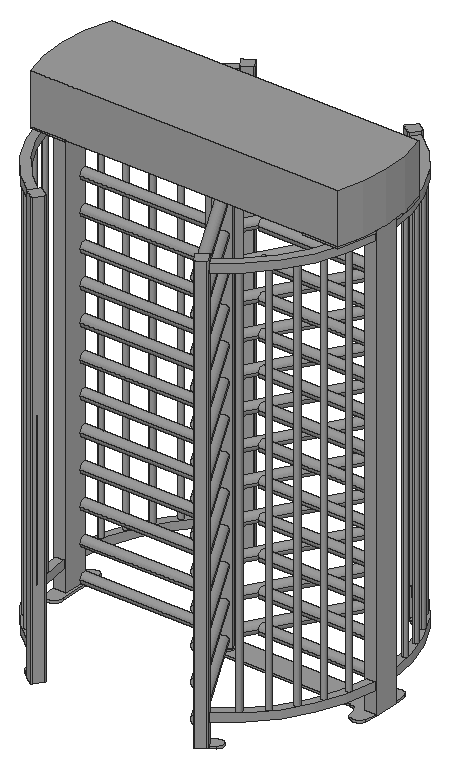
Revit family "ASSA_ABLOY_FT200", category Generic Models, Revit 2020
Family settings
  Can host rebar = No
  Round Connector Dimension = Use Diameter
  Part Type = Normal
  Work Plane-Based = No
  Always vertical = Yes
  Cut with Voids When Loaded = No
  Shared = No
  Room Calculation Point = No
Parameters (values of type "FT200")
  Weight = "Depends on configuration and size"
  WarrantyDescription = "Depends on country"
  Uniclass2 = ""
  URL = "https://www.assaabloyentrance.com"
  ThresholdRequired = no
  System Type Input [instance] = 3
  Shape = "Cylinder shaped"
  ServiceLifeDuration = "10-15 years"
  SerialNumber = "n/a"
  SelfClosing = yes
  SafetyDevices = "Force Limitations"
  ReplacementCost = "Depends on the configuration and door type"
  ReferenceStandard = "n/a"
  ProductionYear = "n/a"
  PassageWidthOptions = "600, 630, 671"
  OperatingTemperature = "-20º to +70ºC"
  NominalWidth = 1441.0 mm
  NominalLength = 1220.0 mm
  NominalHeight = 2370.0 mm
  ModelReference = "Depends on the configuration"
  Model = "Maxima"
  Material = "Aluminum"
  ManufacturerURL = "https://www.assaabloyentrance.com"
  Manufacturer = "Tansa"
  Length [instance] = if(System Type Input = 1, 1220.0 mm, if(System Type Input = 2, 1295.0 mm, if(System Type Input = 3, 1372.0 mm, 1372.0 mm)))  # 1372.0 mm
  LeafColourOptions = "All RAL, customer specific"
  IssueDate = "n/a"
  IsExternal = yes
  HeightUnderCanopyOptions = "2125"
  HasDrive = yes
  HandicapAccessible = no
  GlassType = "n/a"
  GlassThickness2 = 0.0 mm
  GlassThickness1 = 0.0 mm
  GlassLayers = 0
  FrameSeal = yes
  FrameProfile = "Aluminium"
  FrameFinishOptions = "Powder coated, Anodized, Clad in stainless steel, etc."
  Frame Material [instance] = AssaAbloy_Metal
  FireExit = no
  Finish [instance] = "Powder coated, Anodized, stainless steel, customer specific"
  ElectronicLock = yes
  DrumWallOptions = "Metal"
  DoorsetOptions = "no"
  DoorsetOperation = "Automatic"
  DoorsetFasteners = "Screws"
  DoorIncluded = yes
  Description = "Full height turnstile"
  Default Elevation = 0.0 mm
  Construction Type = "Full-height turnstile"
  Colour = "Customer specific"
  Clearance Zone Material [instance] = AssaAbloy_Clearance
  Clearance Zone [instance] = no
  Width [instance] = if(System Type Input = 1, 1441.0 mm, if(System Type Input = 2, 1501.0 mm, if(System Type Input = 3, 1580.0 mm, 1580.0 mm)))  # 1580.0 mm
  Clear Open Width [instance] = if(System Type Input = 1, 600.0 mm, if(System Type Input = 2, 630.0 mm, if(System Type Input = 3, 670.0 mm, 670.0 mm)))  # 670.0 mm
  Capacity = "n/a"
  Burglar resistance = "No"
  BreakoutFacility = no
  Author = "agtatec"
  AntiFingerTrapRequirement = no
  Anti-tailgating/Anti-piggybacking = "Yes"
  AccessoryOptions = "Contact manufacturer"
  Access control/Biometrics = "Yes"
Reference planes
  plane 1 "Center (Front/Back)": y = 0
  plane 2: z = 0
  plane 3 "Center (Left/Right)": x = 0
  plane 4: x = -790
  plane 5: x = 790
Dimensions and locks
  equal spacing: plane 4, plane 3 "Center (Left/Right)", plane 5
  "Width": plane 4 to plane 5
  aligned and locked: level to plane 2
  aligned and locked: nested 3 to plane 4
  aligned and locked: plane 5 to nested 1
Nested families
  nested 1: "record_MRT_SideElement" at (790, 0, 0), type "record_MRT_SideElement"
    with Width/2 790.0 mm, Grid yes, Grate no, Width 1580.0 mm
  nested 2: "record_MRT_Canopy" at (0, 0, 2125), Width <- "Width", Clearance Zone <- "Clearance Zone", Clearance Zone Material <- "Clearance Zone Material", type "record_MRT_Canopy"
    with Width 1580.0 mm, Clearance Zone Material AssaAbloy_Clearance, Clearance Zone no
  nested 3: "record_MRT_SideElement" at (-790, 0, 0) x (-1, 0, 0) z (0, 0, 1), type "record_MRT_SideElement"
    with Width/2 790.0 mm, Grid no, Grate yes, Width 1580.0 mm
  nested 4: "record_MRT_Grate" at (0, 0, 0), Width <- "Width", type "record_MRT_Grate"
    with Width 1580.0 mm, Radius 762.4 mm, Length 1372.0 mm, Angle 55.73°
  nested 5: "record_MRT_Grate" at (0, 0, 0), Width <- "Width", type "record_MRT_Grate"
    with Width 1580.0 mm, Radius 762.4 mm, Length 1372.0 mm, Angle 55.73°
  nested 6: "record_MRT_CZ" at (0, 0, 0), Width <- "Width", Clearance Zone <- "Clearance Zone", Clearance Zone Material <- "Clearance Zone Material", type "record_MRT_CZ"
    with Width 1580.0 mm, Clearance Zone Material AssaAbloy_Clearance, Clearance Zone no, CZRadius2 690.8 mm, CZRadius1 795.0 mm, Angle 55.73°
  nested 7: "record_MRT_Grate" at (0, 0, 0) x (-1, 0, 0) z (0, 0, 1), Width <- "Width", type "record_MRT_Grate"
    with Width 1580.0 mm, Radius 762.4 mm, Length 1372.0 mm, Angle 55.73°
  nested 8: "record_MRT_Grate" at (0, 0, 0) x (-1, 0, 0) z (0, 0, 1), Width <- "Width", type "record_MRT_Grate"
    with Width 1580.0 mm, Radius 762.4 mm, Length 1372.0 mm, Angle 55.73°
  nested 9: "record_MRT_RevolvingElement" at (0, 0, 0) x (-1, 0, 0) z (0, 0, 1), type "record_MRT_RevolvingElement"
    with Rods Length 625.9 mm, COW 670.0 mm
Definition of nested family "record_MRT_SideElement"
  Parameters (values of type "record_MRT_SideElement")
    Width/2 [instance] = Width / 2  # 720.5 mm
    Width = 1441.0 mm
    Grid [instance] = yes
    Grate [instance] = yes
    Frame Material = none
    Default Elevation = 0.0 mm
  Reference planes
    plane 1 "Center (Front/Back)": y = 0
    plane 2: z = 0
    plane 3 "Center (Left/Right)": x = 0
    plane 4: z = 2125
    plane 5: x = -720.5
    plane 6: x = -536.3
    plane 7: x = -150
  Forms (mm)
    Sweep 1, solid, material <- "Frame Material", visible <- "Grate", not visible
      path origin (743.754, 172.094, 0) x (0, 0, 1) y (0.225717, -0.974193, 0)
        loop
          line (148.5, 0) -> (2077, 0)
      profile origin (743.754, 172.094, 1112.75) x (0.225717, -0.974193, 0) y (0.974193, 0.225717, 0)
        loop
          circle (0, -0.066) r 10
    Sweep 2, solid, material <- "Frame Material", visible <- "Grate", not visible
      path origin (709.973, 280.46, 0) x (0, 0, 1) y (0.36785, -0.929885, 0)
        loop
          line (148.5, 0) -> (2077, 0)
      profile origin (709.973, 280.46, 1112.75) x (0.36785, -0.929885, 0) y (0.929885, 0.36785, 0)
        loop
          circle (0, -0.066) r 10
    Sweep 3, solid, material <- "Frame Material", visible <- "Grate", not visible
      path origin (660.477, 382.61, 0) x (0, 0, 1) y (0.50183, -0.864966, 0)
        loop
          line (148.5, 0) -> (2077, 0)
      profile origin (660.477, 382.61, 1112.75) x (0.50183, -0.864966, 0) y (0.864966, 0.50183, 0)
        loop
          circle (0, -0.066) r 10
    Sweep 4, solid, material <- "Frame Material", visible <- "Grate", not visible
      path origin (599.29, 472.625, 0) x (0, 0, 1) y (0.625012, -0.780615, 0)
        loop
          line (148.5, -5) -> (2077, -5)
      profile origin (596.165, 476.528, 1112.75) x (0.625012, -0.780615, 0) y (0.780615, 0.625012, 0)
        loop
          circle (0, -0.066) r 10
    Sweep 5, solid, material <- "Frame Material", visible <- "Grate", not visible
      path origin (522.49, 556.213, 0) x (0, 0, 1) y (0.73398, -0.679171, 0)
        loop
          line (148.5, -5) -> (2077, -5)
      profile origin (518.82, 559.609, 1112.75) x (0.73398, -0.679171, 0) y (0.679171, 0.73398, 0)
        loop
          circle (0, -0.066) r 10
    Sweep 6, solid, material <- "Frame Material", visible <- "Grate", not visible
      path origin (434.471, 627.239, 0) x (0, 0, 1) y (0.826376, -0.563119, 0)
        loop
          line (0, -5) -> (2130, -5)
      profile origin (430.339, 630.054, 1065) x (0.826376, -0.563119, 0) y (0.563119, 0.826376, 0)
        loop
          line (-6.4, 29.934) -> (-53.6, 29.934)
          arc (-53.6, 29.934) -> (-58.125, 28.06) -> (-60, 23.534) r 6.4
          line (-60, 23.534) -> (-60, -23.666)
          arc (-60, -23.666) -> (-58.125, -28.191) -> (-53.6, -30.066) r 6.4
          line (-53.6, -30.066) -> (-6.4, -30.066)
          arc (-6.4, -30.066) -> (-1.875, -28.191) -> (0, -23.666) r 6.4
          line (0, -23.666) -> (0, 23.534)
          arc (0, 23.534) -> (-1.875, 28.06) -> (-6.4, 29.934) r 6.4
    Sweep 7, solid, material <- "Frame Material", visible <- "Grate", not visible
      path origin (0, 0, 0) x (1, 0, 0) y (0, 1, 0)
        loop
          arc (763.43, 0) -> (675.033, 356.342) -> (430.339, 630.054) r 762.43
      profile origin (675.033, 356.342, 0) x (-0.884058, -0.467376, 0) y (0, 0, 1)
        loop
          line (19.934, 108.5) -> (19.934, 148.5) -> (-20.066, 148.5) -> (-20.066, 108.5) -> (19.934, 108.5)
        loop
          line (19.934, 2077) -> (19.934, 2117) -> (-20.066, 2117) -> (-20.066, 2077) -> (19.934, 2077)
    Sweep 8, solid, material <- "Frame Material", visible <- "Grate", not visible
      path origin (430.339, 630.054, 0) x (0, 0, 1) y (0.826376, -0.563119, 0)
        loop
          line (0, 0) -> (8, 0)
      profile origin (430.339, 630.054, 4) x (0.826376, -0.563119, 0) y (0.563119, 0.826376, 0)
        loop
          line (0, 27.934) -> (0, -28.066)
          arc (0, -28.066) -> (14.452, -28.208) -> (28.898, -28.634) r 734.365
          arc (28.898, -28.634) -> (57.978, -1.758) -> (31.102, 27.322) r 28
          arc (31.102, 27.322) -> (15.554, 27.781) -> (0, 27.934) r 790.365
    Sweep 9, solid, material <- "Frame Material", visible <- "Grate", not visible
      path origin (473.627, 546.001, 0) x (0, 0, 1) y (0.755398, -0.655267, 0)
        loop
          line (148.5, 0) -> (2077, 0)
      profile origin (473.627, 546.001, 1112.75) x (0.755398, -0.655267, 0) y (0.655267, 0.755398, 0)
        loop
          arc (10, -0.066) -> (0, 9.934) -> (-10, -0.066) r 10
          line (-10, -0.066) -> (-10, -10) -> (10, -10) -> (10, -0.066)
    Sweep 10, solid, material <- "Frame Material"
      path origin (0, 153.297, 1200) x (0, 1, 0) y (0, 0, 1)
        loop
          line (-153.297, -1200) -> (-153.297, 925)
      profile origin (0, 0, 1062.5) x (0, -1, 0) y (1, 0, 0)
        loop
          line (60, 0) -> (-60, 0) -> (-60, -60) -> (60, -60) -> (60, 0)
    Sweep 11, solid, material <- "Frame Material", visible <- "Grid", detail levels fine
      path origin (-790, 0, 0) x (1, 0, 0) y (0, 1, 0)
        loop
          line (253.7, 0) -> (730, 0)
      profile origin (-298.15, 0, 0) x (0, 1, 0) y (0, 0, 1)
        loop
          circle (0, 143) r 25.5
        loop
          circle (0, 304) r 25.5
        loop
          circle (0, 465) r 25.5
        loop
          circle (0, 626) r 25.5
        loop
          circle (0, 787) r 25.5
        loop
          circle (0, 948) r 25.5
        loop
          circle (0, 1109) r 25.5
        loop
          circle (0, 1270) r 25.5
        loop
          circle (0, 1431) r 25.5
        loop
          circle (0, 1592) r 25.5
        loop
          circle (0, 1753) r 25.5
        loop
          circle (0, 1914) r 25.5
        loop
          circle (0, 2075) r 25.5
    Sweep 12, solid, material <- "Frame Material", visible <- "Grid", detail levels medium
      path origin (0, 0, 0) x (1, 0, 0) y (0, 1, 0)
        loop
          line (-536.3, 0) -> (-60, 0)
      profile origin (-298.15, 0, 0) x (0, 1, 0) y (0, 0, 1)
        loop
          line (25.5, 2100.5) -> (-25.5, 2100.5) -> (-25.5, 2049.5) -> (25.5, 2049.5) -> (25.5, 2100.5)
        loop
          line (25.5, 1939.5) -> (-25.5, 1939.5) -> (-25.5, 1888.5) -> (25.5, 1888.5) -> (25.5, 1939.5)
        loop
          line (25.5, 1778.5) -> (-25.5, 1778.5) -> (-25.5, 1727.5) -> (25.5, 1727.5) -> (25.5, 1778.5)
        loop
          line (25.5, 1617.5) -> (-25.5, 1617.5) -> (-25.5, 1566.5) -> (25.5, 1566.5) -> (25.5, 1617.5)
        loop
          line (25.5, 1456.5) -> (-25.5, 1456.5) -> (-25.5, 1405.5) -> (25.5, 1405.5) -> (25.5, 1456.5)
        loop
          line (25.5, 1295.5) -> (-25.5, 1295.5) -> (-25.5, 1244.5) -> (25.5, 1244.5) -> (25.5, 1295.5)
        loop
          line (25.5, 1134.5) -> (-25.5, 1134.5) -> (-25.5, 1083.5) -> (25.5, 1083.5) -> (25.5, 1134.5)
        loop
          line (25.5, 973.5) -> (-25.5, 973.5) -> (-25.5, 922.5) -> (25.5, 922.5) -> (25.5, 973.5)
        loop
          line (25.5, 812.5) -> (-25.5, 812.5) -> (-25.5, 761.5) -> (25.5, 761.5) -> (25.5, 812.5)
        loop
          line (25.5, 651.5) -> (-25.5, 651.5) -> (-25.5, 600.5) -> (25.5, 600.5) -> (25.5, 651.5)
        loop
          line (25.5, 490.5) -> (-25.5, 490.5) -> (-25.5, 439.5) -> (25.5, 439.5) -> (25.5, 490.5)
        loop
          line (25.5, 329.5) -> (-25.5, 329.5) -> (-25.5, 278.5) -> (25.5, 278.5) -> (25.5, 329.5)
        loop
          line (25.5, 168.5) -> (-25.5, 168.5) -> (-25.5, 117.5) -> (25.5, 117.5) -> (25.5, 168.5)
    Sweep 13, solid, material <- "Frame Material", visible <- "Grid", detail levels coarse
      path origin (0, 0, 0) x (1, 0, 0) y (0, 1, 0)
        loop
          line (-536.3, 0) -> (-60, 0)
      profile origin (-298.15, 0, 0) x (0, 1, 0) y (0, 0, 1)
        loop
          line (25.5, 2125) -> (-25.5, 2125) -> (-25.5, 0) -> (25.5, 0) -> (25.5, 2125)
    Extrusion 14, solid, material <- "Frame Material", visible <- "Grid", detail levels fine
      sketch origin (0, 0, 0) x (1, 0, 0) y (0, 1, 0)
        loop
          arc (-0.483, 60) -> (-2.924, 89.07) -> (-7.414, 117.895) r 412.33
          arc (-7.414, 117.895) -> (-48.957, 148.243) -> (-83.401, 110.027) r 38.399
          arc (-83.401, 110.027) -> (-98.036, 74.655) -> (-133.4, 60) r 49.999
          line (-133.4, 60) -> (-150, 60) -> (-150, -60.004) -> (-133.355, -60.004)
          arc (-133.355, -60.004) -> (-98.006, -74.647) -> (-83.365, -109.997) r 49.99
          arc (-83.365, -109.997) -> (-48.589, -148.212) -> (-7.277, -117.179) r 38.382
          arc (-7.277, -117.179) -> (-2.881, -88.708) -> (-0.483, -59.999) r 412.33
          line (-0.483, -59.999) -> (-60, -59.999) -> (-60, 60) -> (-0.483, 60)
      from 8 to 0
    Extrusion 15, solid, material <- "Frame Material", visible <- "Grid", detail levels fine
      sketch origin (-670.332, 0, 0) x (1, 0, 0) y (0, 1, 0)
        loop
          line (520.332, 60) -> (-50.168, 60)
          arc (-50.168, 60) -> (-110.168, 0) -> (-50.168, -60) r 60
          line (-50.168, -60) -> (520.332, -60) -> (520.332, 60)
      from 8 to 0
  Cuts and joins
    joined: Extrusion 14, Extrusion 15
  Lines and regions (mm)
    reference lines
      curve 1: circle (-720.5, 0, 0) r 60 normal (0, 0, 1)
  Dimensions and locks
    plane 4 to plane 2 = 2125.0 mm
    equal spacing: curve 1, plane 5, curve 1, locked at 60 each
    "Width/2": plane 5 to plane 3 "Center (Left/Right)"
    locked: plane 5 to plane 6 at 184.2
    locked: plane 7 to plane 3 "Center (Left/Right)" at 150
    aligned and locked: level to plane 2
    aligned and locked: plane 6 to Sweep 11 sketch curve
    aligned and locked: plane 6 to Sweep 12 sketch curve
  Automatic sketch dimensions
    plane 1 "Center (Front/Back)" to curve 1 = 0.0 mm
    curve 1 to plane 5 = 0.0 mm
    Sweep 10 sketch curve to plane 1 "Center (Front/Back)" = 0.0 mm
    Sweep 10 sketch curve to level = 0.0 mm
    plane 4 to Sweep 10 sketch curve = 0.0 mm
    Sweep 10 sketch curve to profile plane = 0.0 mm
    profile plane to Sweep 10 sketch curve = 60.0 mm
    Sweep 10 sketch curve to profile plane = 60.0 mm  (x2)
    plane 1 "Center (Front/Back)" to Sweep 11 sketch curve = 0.0 mm
    Sweep 11 sketch curve to plane 3 "Center (Left/Right)" = 60.0 mm
    Sweep 11 sketch curve to profile plane = 0.0 mm  (x13)
    profile plane to Sweep 11 sketch curve = 143.0 mm
    Sweep 11 sketch curve to Sweep 11 sketch curve = 161.0 mm  (x12)
    plane 1 "Center (Front/Back)" to Sweep 12 sketch curve = 0.0 mm
    Sweep 12 sketch curve to plane 3 "Center (Left/Right)" = 60.0 mm
    profile plane to Sweep 12 sketch curve = 25.5 mm  (x13)
    Sweep 12 sketch curve to profile plane = 25.5 mm  (x13)
    level to Sweep 12 sketch curve = 117.5 mm
    Sweep 12 sketch curve to Sweep 12 sketch curve = 51.0 mm  (x13)
    Sweep 12 sketch curve to Sweep 12 sketch curve = 110.0 mm  (x12)
    Sweep 13 sketch curve to plane 6 = 0.0 mm
    plane 1 "Center (Front/Back)" to Sweep 13 sketch curve = 0.0 mm
    Sweep 13 sketch curve to plane 3 "Center (Left/Right)" = 60.0 mm
    Sweep 13 sketch curve to level = 0.0 mm
    profile plane to Sweep 13 sketch curve = 25.5 mm
    Sweep 13 sketch curve to profile plane = 25.5 mm
    level to Sweep 13 sketch curve = 2125.0 mm
    plane 1 "Center (Front/Back)" to Extrusion 15 sketch curve = 0.0 mm
    Extrusion 15 sketch curve to plane 5 = 0.0 mm
    plane 1 "Center (Front/Back)" to Extrusion 15 sketch curve = 60.0 mm
    Extrusion 15 sketch curve to plane 7 = 0.0 mm
    Extrusion 14 sketch curve to plane 1 "Center (Front/Back)" = 40.055 mm
    Extrusion 14 sketch curve to plane 7 = 262.33 mm
    plane 1 "Center (Front/Back)" to Extrusion 14 sketch curve = 40.053 mm
    Extrusion 14 sketch curve to Extrusion 14 sketch curve = 0.0 mm  (x4)
    plane 7 to Extrusion 14 sketch curve = 0.0 mm
    plane 7 to Extrusion 14 sketch curve = 16.6 mm
    plane 7 to Extrusion 14 sketch curve = 16.645 mm
    Extrusion 14 sketch curve to plane 3 "Center (Left/Right)" = 60.0 mm
    Extrusion 14 sketch curve to plane 3 "Center (Left/Right)" = 45.002 mm
    Extrusion 14 sketch curve to plane 3 "Center (Left/Right)" = 44.982 mm
    Extrusion 14 sketch curve to plane 3 "Center (Left/Right)" = 0.483 mm  (x2)
    plane 1 "Center (Front/Back)" to Extrusion 14 sketch curve = 59.999 mm
    plane 1 "Center (Front/Back)" to Extrusion 14 sketch curve = 60.004 mm
    Extrusion 14 sketch curve to Extrusion 14 sketch curve = 49.99 mm
    Extrusion 14 sketch curve to Extrusion 14 sketch curve = 50.001 mm
    Extrusion 14 sketch curve to plane 1 "Center (Front/Back)" = 60.0 mm  (x2)
    Extrusion 14 sketch curve to Extrusion 14 sketch curve = 50.0 mm
    Extrusion 14 sketch curve to Extrusion 14 sketch curve = 50.048 mm
    Extrusion 14 sketch curve to Extrusion 14 sketch curve = 38.399 mm
    radius of curve 1 = 60.0 mm
    radius of Sweep 11 sketch curve = 25.5 mm  (x13)
  Nested families
    nested 1: "record_MRT_Element_1" at (0, 0, 0), visible <- "Grate", type "record_MRT_Element_1"
  Definition of nested family "record_MRT_Element_1"
    Parameters (values of type "record_MRT_Element_1")
      Frame Material = none
      Default Elevation = 0.0 mm
    Reference planes
      plane 1 "Center (Front/Back)": y = 0
      plane 2: z = 0
      plane 3 "Center (Left/Right)": x = 0
      plane 4: z = 2125
    Forms (mm)
      Sweep 1, solid, material <- "Frame Material", not visible
        path origin (743.754, 172.094, 0) x (0, 0, 1) y (0.225717, -0.974193, 0)
          loop
            line (148.5, 0) -> (2077, 0)
        profile origin (743.754, 172.094, 1112.75) x (0.225717, -0.974193, 0) y (0.974193, 0.225717, 0)
          loop
            circle (0, -0.066) r 10
      Sweep 2, solid, material <- "Frame Material", not visible
        path origin (709.973, 280.46, 0) x (0, 0, 1) y (0.36785, -0.929885, 0)
          loop
            line (148.5, 0) -> (2077, 0)
        profile origin (709.973, 280.46, 1112.75) x (0.36785, -0.929885, 0) y (0.929885, 0.36785, 0)
          loop
            circle (0, -0.066) r 10
      Sweep 3, solid, material <- "Frame Material", not visible
        path origin (660.477, 382.61, 0) x (0, 0, 1) y (0.50183, -0.864966, 0)
          loop
            line (148.5, 0) -> (2077, 0)
        profile origin (660.477, 382.61, 1112.75) x (0.50183, -0.864966, 0) y (0.864966, 0.50183, 0)
          loop
            circle (0, -0.066) r 10
      Sweep 4, solid, material <- "Frame Material", not visible
        path origin (599.29, 472.625, 0) x (0, 0, 1) y (0.625012, -0.780615, 0)
          loop
            line (148.5, -5) -> (2077, -5)
        profile origin (596.165, 476.528, 1112.75) x (0.625012, -0.780615, 0) y (0.780615, 0.625012, 0)
          loop
            circle (0, -0.066) r 10
      Sweep 5, solid, material <- "Frame Material", not visible
        path origin (522.49, 556.213, 0) x (0, 0, 1) y (0.73398, -0.679171, 0)
          loop
            line (148.5, -5) -> (2077, -5)
        profile origin (518.82, 559.609, 1112.75) x (0.73398, -0.679171, 0) y (0.679171, 0.73398, 0)
          loop
            circle (0, -0.066) r 10
      Sweep 6, solid, material <- "Frame Material", not visible
        path origin (434.471, 627.239, 0) x (0, 0, 1) y (0.826376, -0.563119, 0)
          loop
            line (0, -5) -> (2130, -5)
        profile origin (430.339, 630.054, 1065) x (0.826376, -0.563119, 0) y (0.563119, 0.826376, 0)
          loop
            line (-6.4, 29.934) -> (-53.6, 29.934)
            arc (-53.6, 29.934) -> (-58.125, 28.06) -> (-60, 23.534) r 6.4
            line (-60, 23.534) -> (-60, -23.666)
            arc (-60, -23.666) -> (-58.125, -28.191) -> (-53.6, -30.066) r 6.4
            line (-53.6, -30.066) -> (-6.4, -30.066)
            arc (-6.4, -30.066) -> (-1.875, -28.191) -> (0, -23.666) r 6.4
            line (0, -23.666) -> (0, 23.534)
            arc (0, 23.534) -> (-1.875, 28.06) -> (-6.4, 29.934) r 6.4
      Sweep 7, solid, material <- "Frame Material", not visible
        path origin (0, 0, 0) x (1, 0, 0) y (0, 1, 0)
          loop
            arc (763.43, 0) -> (675.033, 356.342) -> (430.339, 630.054) r 762.43
        profile origin (675.033, 356.342, 0) x (-0.884058, -0.467376, 0) y (0, 0, 1)
          loop
            line (19.934, 108.5) -> (19.934, 148.5) -> (-20.066, 148.5) -> (-20.066, 108.5) -> (19.934, 108.5)
          loop
            line (19.934, 2077) -> (19.934, 2117) -> (-20.066, 2117) -> (-20.066, 2077) -> (19.934, 2077)
      Sweep 8, solid, material <- "Frame Material", not visible
        path origin (430.339, 630.054, 0) x (0, 0, 1) y (0.826376, -0.563119, 0)
          loop
            line (0, 0) -> (8, 0)
        profile origin (430.339, 630.054, 4) x (0.826376, -0.563119, 0) y (0.563119, 0.826376, 0)
          loop
            line (0, 27.934) -> (0, -28.066)
            arc (0, -28.066) -> (14.452, -28.208) -> (28.898, -28.634) r 734.365
            arc (28.898, -28.634) -> (57.978, -1.758) -> (31.102, 27.322) r 28
            arc (31.102, 27.322) -> (15.554, 27.781) -> (0, 27.934) r 790.365
      Sweep 9, solid, material <- "Frame Material", not visible
        path origin (473.627, 546.001, 0) x (0, 0, 1) y (0.755398, -0.655267, 0)
          loop
            line (148.5, 0) -> (2077, 0)
        profile origin (473.627, 546.001, 1112.75) x (0.755398, -0.655267, 0) y (0.655267, 0.755398, 0)
          loop
            arc (10, -0.066) -> (0, 9.934) -> (-10, -0.066) r 10
            line (-10, -0.066) -> (-10, -10) -> (10, -10) -> (10, -0.066)
      Extrusion 10, solid, material <- "Frame Material", detail levels fine
        sketch origin (-791, 0, 0) x (1, 0, 0) y (0, 1, 0)
          loop
            arc (790.732, 60) -> (787.96, 88.021) -> (784.141, 115.919) r 752.001
            arc (784.141, 115.919) -> (740.436, 147.965) -> (708.212, 104.391) r 38.4
            arc (708.212, 104.391) -> (715.877, 0) -> (708.212, -104.391) r 714.677
            arc (708.212, -104.391) -> (740.436, -147.965) -> (784.141, -115.919) r 38.4
            arc (784.141, -115.919) -> (787.96, -88.021) -> (790.732, -60) r 752.001
            line (790.732, -60) -> (731, -60) -> (731, 60) -> (790.732, 60)
        from 8 to 0
    Dimensions and locks
      plane 4 to plane 2 = 2125.0 mm
      radius of Extrusion 10 sketch curve = 714.677 mm
      radius of Extrusion 10 sketch curve = 752.001 mm  (x2)
      radius of Extrusion 10 sketch curve = 38.4 mm
      aligned and locked: level to plane 2
Definition of nested family "record_MRT_Canopy"
  Parameters (values of type "record_MRT_Canopy")
    Width [instance] = 1441.0 mm
    Frame Material = none
    Default Elevation = 0.0 mm
    Clearance Zone Material [instance] = none
    Clearance Zone [instance] = yes
  Reference planes
    plane 1 "Center (Front/Back)": y = 0
    plane 2: z = 0
    plane 3 "Center (Left/Right)": x = 0
    plane 4: z = 245
    plane 5: x = 720.5
    plane 6: x = -720.5
    plane 7: y = 249.999
    plane 8: y = -249.999
    plane 9: x = 41.8
    plane 10: x = -41.8
  Forms (mm)
    Extrusion 1, solid, material <- "Frame Material"
      sketch origin (0, 0, 0) x (1, 0, 0) y (0, 1, 0)
        loop
          arc (-680.457, 249.999) -> (-722.5, 0) -> (-680.457, -249.999) r 764.3
          line (-680.457, -249.999) -> (680.457, -249.999)
          arc (680.457, -249.999) -> (722.5, 0) -> (680.457, 249.999) r 764.3
          line (680.457, 249.999) -> (-680.457, 249.999)
      from 0 to 245
    Extrusion 2, solid, material <- "Frame Material", detail levels fine
      sketch origin (0, 0, 0) x (1, 0, 0) y (0, 1, 0)
        loop
          arc (-680.457, 249.999) -> (-706.355, 156.264) -> (-720.141, 60) r 764.3
          line (-720.141, 60) -> (-660.526, 60) -> (-660.526, -60) -> (-720.141, -60)
          arc (-720.141, -60) -> (-706.355, -156.264) -> (-680.457, -249.999) r 764.3
          line (-680.457, -249.999) -> (-511.1, -249.999) -> (-511.1, 249.999) -> (-680.457, 249.999)
      from -8 to 0
    Extrusion 3, solid, material <- "Clearance Zone Material", visible <- "Clearance Zone"
      sketch origin (0, 0, 0) x (1, 0, 0) y (0, 1, 0)
        loop
          arc (-684.009, 254.999) -> (-727.501, 0) -> (-684.01, -254.999) r 769.301
          line (-684.01, -254.999) -> (684.01, -254.999)
          arc (684.01, -254.999) -> (727.501, 0) -> (684.009, 254.999) r 769.301
          line (684.009, 254.999) -> (-684.009, 254.999)
      from -10 to 247
    Extrusion 4, solid, material <- "Frame Material", detail levels fine
      sketch origin (0, 0, 0) x (-1, 0, 0) y (0, -1, 0)
        loop
          line (-680.457, -249.999) -> (-511.1, -249.999) -> (-511.1, 249.999) -> (-680.457, 249.999)
          arc (-680.457, 249.999) -> (-706.368, 156.265) -> (-720.167, 60) r 764.334
          line (-720.167, 60) -> (-660.5, 60) -> (-660.5, -60) -> (-720.115, -60)
          arc (-720.115, -60) -> (-706.342, -156.264) -> (-680.457, -249.999) r 764.266
      from -8 to 0
  Lines and regions (mm)
    reference lines
      curve 1: circle (41.8, -0.001, 0) r 764.3 normal (0, 0, 1)
      curve 2: circle (-41.8, -0.001, 0) r 764.3 normal (0, 0, -1)
  Dimensions and locks
    plane 4 to plane 2 = 245.0 mm
    equal spacing: plane 6, plane 3 "Center (Left/Right)", plane 5
    "Width": plane 6 to plane 5
    locked: plane 7 to plane 8 at 499.998
    equal spacing: plane 8, plane 1 "Center (Front/Back)", plane 7
    equal spacing: curve 1, plane 9, curve 1
    locked: plane 6 to plane 9 at 762.3
    equal spacing: curve 2, plane 10, curve 2
    locked: plane 10 to plane 5 at 762.3
    equal spacing: Extrusion 2 sketch curve, plane 1 "Center (Front/Back)", Extrusion 2 sketch curve
    locked: Extrusion 2 sketch curve to Extrusion 2 sketch curve at 120
    Extrusion 4 sketch curve to Extrusion 4 sketch curve = 120.0 mm
    locked: Extrusion 4 sketch curve to Extrusion 4 sketch curve at 120
    locked: Extrusion 4 sketch curve to plane 5 at 209.4
    locked: plane 6 to Extrusion 2 sketch curve at 209.4
    aligned and locked: level to plane 2
    aligned and locked: plane 8 to Extrusion 1 sketch curve
    aligned and locked: Extrusion 1 sketch curve to curve 1
    aligned and locked: Extrusion 2 sketch curve to curve 1  (x2)
    aligned and locked: plane 8 to Extrusion 2 sketch curve
    aligned and locked: plane 7 to Extrusion 2 sketch curve
    aligned and locked: Extrusion 1 sketch curve to curve 2
  Automatic sketch dimensions
    plane 1 "Center (Front/Back)" to curve 2 = 0.001 mm
    plane 1 "Center (Front/Back)" to curve 1 = 0.001 mm
    plane 7 to Extrusion 1 sketch curve = 0.0 mm
    Extrusion 2 sketch curve to Extrusion 2 sketch curve = 59.615 mm
    Extrusion 3 sketch curve to plane 10 = 0.0 mm
    Extrusion 3 sketch curve to plane 9 = 0.0 mm
    Extrusion 3 sketch curve to plane 7 = 5.0 mm
    Extrusion 3 sketch curve to plane 6 = 36.491 mm
    Extrusion 3 sketch curve to plane 8 = 5.0 mm
    Extrusion 3 sketch curve to plane 6 = 36.49 mm
    Extrusion 3 sketch curve to plane 5 = 36.491 mm
    Extrusion 3 sketch curve to plane 5 = 36.49 mm
    Extrusion 3 sketch curve to Extrusion 3 sketch curve = 0.0 mm
    Extrusion 4 sketch curve to Extrusion 4 sketch curve = 0.0 mm  (x2)
    Extrusion 4 sketch curve to plane 8 = 0.0 mm
    plane 7 to Extrusion 4 sketch curve = 0.0 mm
    Extrusion 4 sketch curve to plane 10 = 0.0 mm
    plane 5 to Extrusion 4 sketch curve = 60.0 mm
    plane 5 to Extrusion 4 sketch curve = 40.043 mm  (x2)
    plane 5 to Extrusion 4 sketch curve = 0.385 mm
    Extrusion 4 sketch curve to plane 1 "Center (Front/Back)" = 60.0 mm
    radius of curve 1 = 764.3 mm
    radius of curve 2 = 764.3 mm
Definition of nested family "record_MRT_Grate"
  Parameters (values of type "record_MRT_Grate")
    Width [instance] = 1580.0 mm
    Radius [instance] = Width / 2 - 27.6 mm  # 762.4 mm
    Length [instance] = if(Width = 1441.0 mm, 1220.0 mm, if(Width = 1501.0 mm, 1295.0 mm, 1372.0 mm))  # 1372.0 mm
    Frame Material = none
    Default Elevation = 0.0 mm
    Angle [instance] = if(Width = 1441.0 mm, 52.95°, if(Width = 1501.0 mm, 54.90°, 55.73°))  # 55.73°
  Reference planes
    plane 1 "Center (Front/Back)": y = 0
    plane 2: z = 0
    plane 3 "Center (Left/Right)": x = 0
    plane 4: z = 2125
    plane 5: x = 790
    plane 6: x = -790
    plane 7: y = 686
    plane 8: y = -686
  Forms (mm)
    Sweep 1, solid, material <- "Frame Material", not visible
      path origin (743.754, 172.094, 0) x (0, 0, 1) y (0.225717, -0.974193, 0)
        loop
          line (148.5, 0) -> (2077, 0)
      profile origin (743.754, 172.094, 1112.75) x (0.225717, -0.974193, 0) y (0.974193, 0.225717, 0)
        loop
          circle (0, -0.066) r 10
    Sweep 2, solid, material <- "Frame Material", not visible
      path origin (709.973, 280.46, 0) x (0, 0, 1) y (0.36785, -0.929885, 0)
        loop
          line (148.5, 0) -> (2077, 0)
      profile origin (709.973, 280.46, 1112.75) x (0.36785, -0.929885, 0) y (0.929885, 0.36785, 0)
        loop
          circle (0, -0.066) r 10
    Sweep 3, solid, material <- "Frame Material", not visible
      path origin (660.477, 382.61, 0) x (0, 0, 1) y (0.50183, -0.864966, 0)
        loop
          line (148.5, 0) -> (2077, 0)
      profile origin (660.477, 382.61, 1112.75) x (0.50183, -0.864966, 0) y (0.864966, 0.50183, 0)
        loop
          circle (0, -0.066) r 10
    Sweep 4, solid, material <- "Frame Material", not visible
      path origin (599.29, 472.625, 0) x (0, 0, 1) y (0.625012, -0.780615, 0)
        loop
          line (148.5, -5) -> (2077, -5)
      profile origin (596.165, 476.528, 1112.75) x (0.625012, -0.780615, 0) y (0.780615, 0.625012, 0)
        loop
          circle (0, -0.066) r 10
    Sweep 5, solid, material <- "Frame Material", not visible
      path origin (522.49, 556.213, 0) x (0, 0, 1) y (0.73398, -0.679171, 0)
        loop
          line (148.5, -5) -> (2077, -5)
      profile origin (518.82, 559.609, 1112.75) x (0.73398, -0.679171, 0) y (0.679171, 0.73398, 0)
        loop
          circle (0, -0.066) r 10
    Sweep 6, solid, material <- "Frame Material", not visible
      path origin (434.471, 627.239, 0) x (0, 0, 1) y (0.826376, -0.563119, 0)
        loop
          line (0, -5) -> (2130, -5)
      profile origin (430.339, 630.054, 1065) x (0.826376, -0.563119, 0) y (0.563119, 0.826376, 0)
        loop
          line (-6.4, 29.934) -> (-53.6, 29.934)
          arc (-53.6, 29.934) -> (-58.125, 28.06) -> (-60, 23.534) r 6.4
          line (-60, 23.534) -> (-60, -23.666)
          arc (-60, -23.666) -> (-58.125, -28.191) -> (-53.6, -30.066) r 6.4
          line (-53.6, -30.066) -> (-6.4, -30.066)
          arc (-6.4, -30.066) -> (-1.875, -28.191) -> (0, -23.666) r 6.4
          line (0, -23.666) -> (0, 23.534)
          arc (0, 23.534) -> (-1.875, 28.06) -> (-6.4, 29.934) r 6.4
    Sweep 7, solid, material <- "Frame Material", not visible
      path origin (0, 0, 0) x (1, 0, 0) y (0, 1, 0)
        loop
          arc (763.43, 0) -> (675.033, 356.342) -> (430.339, 630.054) r 762.43
      profile origin (675.033, 356.342, 0) x (-0.884058, -0.467376, 0) y (0, 0, 1)
        loop
          line (19.934, 108.5) -> (19.934, 148.5) -> (-20.066, 148.5) -> (-20.066, 108.5) -> (19.934, 108.5)
        loop
          line (19.934, 2077) -> (19.934, 2117) -> (-20.066, 2117) -> (-20.066, 2077) -> (19.934, 2077)
    Sweep 8, solid, material <- "Frame Material", not visible
      path origin (430.339, 630.054, 0) x (0, 0, 1) y (0.826376, -0.563119, 0)
        loop
          line (0, 0) -> (8, 0)
      profile origin (430.339, 630.054, 4) x (0.826376, -0.563119, 0) y (0.563119, 0.826376, 0)
        loop
          line (0, 27.934) -> (0, -28.066)
          arc (0, -28.066) -> (14.452, -28.208) -> (28.898, -28.634) r 734.365
          arc (28.898, -28.634) -> (57.978, -1.758) -> (31.102, 27.322) r 28
          arc (31.102, 27.322) -> (15.554, 27.781) -> (0, 27.934) r 790.365
    Sweep 9, solid, material <- "Frame Material", detail levels fine
      path origin (999, 0, 0) x (1, 0, 0) y (0, 1, 0)
        loop
          arc (-236.6, 0) -> (-324.999, 356.338) -> (-569.698, 630.042) r 762.4
      profile origin (674.001, 356.338, 0) x (-0.884051, -0.46739, 0) y (0, 0, 1)
        loop
          line (19.934, 108.5) -> (19.934, 148.5) -> (-20.066, 148.5) -> (-20.066, 108.5) -> (19.934, 108.5)
        loop
          line (19.934, 2077) -> (19.934, 2117) -> (-20.066, 2117) -> (-20.066, 2077) -> (19.934, 2077)
    Sweep 10, solid, material <- "Frame Material", detail levels fine
      path origin (429.302, 630.042, 0) x (0, 0, 1) y (0.826393, -0.563093, 0)
        loop
          line (0, 0) -> (8, 0)
      profile origin (429.302, 630.042, 4) x (0.826393, -0.563093, 0) y (0.563093, 0.826393, 0)
        loop
          line (0, 27.934) -> (0, -28.066)
          arc (0, -28.066) -> (14.452, -28.208) -> (28.898, -28.634) r 734.365
          arc (28.898, -28.634) -> (57.978, -1.758) -> (31.102, 27.322) r 28
          arc (31.102, 27.322) -> (15.554, 27.781) -> (0, 27.934) r 790.365
    Sweep 11, solid, material <- "Frame Material", detail levels fine
      path origin (429.302, 630.042, 0) x (0, 0, 1) y (0.826393, -0.563093, 0)
        loop
          line (0, 0) -> (2130, 0)
      profile origin (429.302, 630.042, 1065) x (0.826393, -0.563093, 0) y (0.563093, 0.826393, 0)
        loop
          line (-6.4, 30) -> (-53.576, 30)
          arc (-53.576, 30) -> (-58.101, 28.125) -> (-59.976, 23.6) r 6.4
          line (-59.976, 23.6) -> (-59.976, -23.6)
          arc (-59.976, -23.6) -> (-58.101, -28.125) -> (-53.576, -30) r 6.4
          line (-53.576, -30) -> (-6.4, -30)
          arc (-6.4, -30) -> (-1.875, -28.125) -> (0, -23.6) r 6.4
          line (0, -23.6) -> (0, 23.6)
          arc (0, 23.6) -> (-1.875, 28.125) -> (-6.4, 30) r 6.4
    Sweep 12, void
      path origin (790, 153.297, 1200) x (0, 1, 0) y (0, 0, 1)
        loop
          line (-153.297, -1200) -> (-153.297, 925)
      profile origin (790, 0, 1062.5) x (0, -1, 0) y (1, 0, 0)
        loop
          line (60, 21.05) -> (-60, 21.05) -> (-60, -78.95) -> (60, -78.95) -> (60, 21.05)
    Sweep 13, solid, material <- "Frame Material", detail levels fine
      path origin (517.8, 559.587, 0) x (0, 0, 1) y (0.73398, -0.679171, 0)
        loop
          line (148.5, 0) -> (2077, 0)
      profile origin (517.8, 559.587, 1112.75) x (0.73398, -0.679171, 0) y (0.679171, 0.73398, 0)
        loop
          circle (0, -0.067) r 12.5
    Sweep 14, solid, material <- "Frame Material", not visible
      path origin (473.627, 546.001, 0) x (0, 0, 1) y (0.755398, -0.655267, 0)
        loop
          line (148.5, 0) -> (2077, 0)
      profile origin (473.627, 546.001, 1112.75) x (0.755398, -0.655267, 0) y (0.655267, 0.755398, 0)
        loop
          arc (10, -0.066) -> (0, 9.934) -> (-10, -0.066) r 10
          line (-10, -0.066) -> (-10, -10) -> (10, -10) -> (10, -0.066)
    Sweep 15, solid, material <- "Frame Material", detail levels fine
      path origin (595.157, 476.489, 0) x (0, 0, 1) y (0.624985, -0.780636, 0)
        loop
          line (148.5, 0) -> (2077, 0)
      profile origin (595.157, 476.489, 1112.75) x (0.624985, -0.780636, 0) y (0.780636, 0.624985, 0)
        loop
          circle (0, -0.053) r 12.5
    Sweep 16, solid, material <- "Frame Material", detail levels fine
      path origin (659.45, 382.595, 0) x (0, 0, 1) y (0.50183, -0.864966, 0)
        loop
          line (148.5, 0) -> (2077, 0)
      profile origin (659.45, 382.595, 1112.75) x (0.50183, -0.864966, 0) y (0.864966, 0.50183, 0)
        loop
          circle (0, -0.053) r 12.5
    Sweep 17, solid, material <- "Frame Material", detail levels fine
      path origin (708.944, 280.449, 0) x (0, 0, 1) y (0.36785, -0.929885, 0)
        loop
          line (148.5, 0) -> (2077, 0)
      profile origin (708.944, 280.449, 1112.75) x (0.36785, -0.929885, 0) y (0.929885, 0.36785, 0)
        loop
          circle (0, -0.053) r 12.5
    Sweep 18, solid, material <- "Frame Material", detail levels fine
      path origin (742.725, 172.087, 0) x (0, 0, 1) y (0.225717, -0.974193, 0)
        loop
          line (148.5, 0) -> (2077, 0)
      profile origin (742.725, 172.087, 1112.75) x (0.225717, -0.974193, 0) y (0.974193, 0.225717, 0)
        loop
          circle (0, -0.035) r 12.5
    Sweep 19, solid, material <- "Frame Material", detail levels coarse+medium
      path origin (429.302, 630.042, 0) x (0, 0, 1) y (0.826393, -0.563093, 0)
        loop
          line (0, 0) -> (2125, 0)
      profile origin (429.302, 630.042, 1062.5) x (0.826393, -0.563093, 0) y (0.563093, 0.826393, 0)
        loop
          line (0, 30) -> (-59.976, 30) -> (-59.976, -30) -> (0, -30) -> (0, 30)
    Sweep 20, solid, material <- "Frame Material", detail levels medium
      path origin (999, 0, 0) x (1, 0, 0) y (0, 1, 0)
        loop
          arc (-236.6, 0) -> (-324.999, 356.338) -> (-569.698, 630.042) r 762.4
      profile origin (674.001, 356.338, 0) x (-0.884051, -0.46739, 0) y (0, 0, 1)
        loop
          line (19.934, 108.5) -> (19.934, 2117) -> (-20.066, 2117) -> (-20.066, 108.5) -> (19.934, 108.5)
    Sweep 21, solid, material <- "Frame Material", detail levels coarse
      path origin (999, 0, 0) x (1, 0, 0) y (0, 1, 0)
        loop
          arc (-236.6, 0) -> (-324.999, 356.338) -> (-569.698, 630.042) r 762.4
      profile origin (674.001, 356.338, 0) x (-0.884051, -0.46739, 0) y (0, 0, 1)
        loop
          line (29.934, 0) -> (29.934, 2125) -> (-30.066, 2125) -> (-30.066, 0) -> (29.934, 0)
  Cuts and joins
    Sweep 12 cuts Sweep 9
    Sweep 12 cuts Sweep 20
    Sweep 12 cuts Sweep 21
  Lines and regions (mm)
    reference lines
      curve 1: line (0, 0, 0) -> (429.302, 630.042, 0)
      curve 2: circle (0, 0, 0) r 762.4 normal (0, 0, 1)
      curve 3: line (0, 0, 0) -> (742.725, 172.087, 0)
      curve 4: line (708.944, 280.449, 0) -> (0, 0, 0)
      curve 5: line (659.45, 382.595, 0) -> (0, 0, 0)
      curve 6: line (595.157, 476.489, 0) -> (0, 0, 0)
      curve 7: line (517.8, 559.587, 0) -> (0, 0, 0)
  Dimensions and locks
    plane 4 to plane 2 = 2125.0 mm
    equal spacing: plane 6, plane 3 "Center (Left/Right)", plane 5
    "Width": plane 6 to plane 5
    equal spacing: curve 2, plane 3 "Center (Left/Right)", curve 2
    equal spacing: curve 2, plane 1 "Center (Front/Back)", curve 2
    equal spacing: plane 8, plane 1 "Center (Front/Back)", plane 7
    "Length": plane 8 to plane 7
    "Radius": radius of curve 2
    radius of Sweep 18 sketch curve = 12.5 mm
    "Angle": angle plane 1 "Center (Front/Back)" to curve 1
    locked: plane 1 "Center (Front/Back)" to curve 3 (angle 13.0451°)
    locked: curve 3 to curve 4 (angle 8.53803°)
    locked: curve 4 to curve 5 (angle 8.53803°)
    locked: curve 5 to curve 6 (angle 8.56°)
    locked: curve 6 to curve 7 (angle 8.54°)
    aligned and locked: level to plane 2
    aligned and locked: Sweep 9 sketch curve to curve 2
    aligned and locked: curve 1 to Sweep 9 sketch curve
    aligned and locked: plane 1 "Center (Front/Back)" to curve 3
    aligned and locked: Sweep 21 sketch curve to curve 2
    aligned and locked: curve 1 to Sweep 21 sketch curve
    aligned and locked: Sweep 20 sketch curve to curve 2
    aligned and locked: curve 1 to Sweep 20 sketch curve
  Automatic sketch dimensions
    Sweep 14 sketch curve to profile plane = 0.0 mm
    profile plane to Sweep 14 sketch curve = 10.0 mm
    Sweep 14 sketch curve to profile plane = 10.0 mm
    Sweep 14 sketch curve to profile plane = 0.066 mm
    Sweep 14 sketch curve to Sweep 14 sketch curve = 1928.5 mm
    profile plane to Sweep 9 sketch curve = 20.066 mm  (x2)
    Sweep 9 sketch curve to profile plane = 19.934 mm  (x2)
    profile plane to Sweep 9 sketch curve = 108.5 mm
    Sweep 9 sketch curve to Sweep 9 sketch curve = 40.0 mm  (x2)
    Sweep 9 sketch curve to Sweep 9 sketch curve = 1928.5 mm
    level to Sweep 10 sketch curve = 0.0 mm
    level to Sweep 10 sketch curve = 8.0 mm
    Sweep 10 sketch curve to Sweep 10 sketch curve = 0.0 mm  (x3)
    Sweep 10 sketch curve to profile plane = 0.0 mm
    Sweep 10 sketch curve to profile plane = 0.656 mm
    Sweep 10 sketch curve to profile plane = 30.0 mm
    Sweep 10 sketch curve to profile plane = 28.066 mm
    Sweep 10 sketch curve to Sweep 10 sketch curve = 734.365 mm
    profile plane to Sweep 10 sketch curve = 27.934 mm
    level to Sweep 11 sketch curve = 0.0 mm
    Sweep 11 sketch curve to plane 4 = 5.0 mm
    Sweep 11 sketch curve to profile plane = 0.0 mm
    Sweep 11 sketch curve to Sweep 11 sketch curve = 6.4 mm  (x2)
    profile plane to Sweep 11 sketch curve = 6.4 mm
    Sweep 11 sketch curve to Sweep 11 sketch curve = 47.176 mm  (x2)
    Sweep 11 sketch curve to profile plane = 23.6 mm
    profile plane to Sweep 11 sketch curve = 23.6 mm
    Sweep 12 sketch curve to plane 1 "Center (Front/Back)" = 0.0 mm
    Sweep 12 sketch curve to level = 0.0 mm
    plane 4 to Sweep 12 sketch curve = 0.0 mm
    level to Sweep 13 sketch curve = 148.5 mm
    plane 4 to Sweep 13 sketch curve = 48.0 mm
    Sweep 13 sketch curve to profile plane = 0.0 mm
    Sweep 13 sketch curve to profile plane = 0.066 mm
    Sweep 13 sketch curve to profile plane = 0.07 mm
    profile plane to Sweep 13 sketch curve = 12.5 mm
    level to Sweep 15 sketch curve = 148.5 mm
    plane 4 to Sweep 15 sketch curve = 48.0 mm
    Sweep 15 sketch curve to profile plane = 0.0 mm
    Sweep 15 sketch curve to profile plane = 0.044 mm
    Sweep 15 sketch curve to profile plane = 0.079 mm
    profile plane to Sweep 15 sketch curve = 12.5 mm
    level to Sweep 16 sketch curve = 148.5 mm
    plane 4 to Sweep 16 sketch curve = 48.0 mm
    Sweep 16 sketch curve to profile plane = 0.0 mm
    Sweep 16 sketch curve to profile plane = 0.044 mm
    Sweep 16 sketch curve to profile plane = 0.079 mm
    profile plane to Sweep 16 sketch curve = 12.5 mm
    level to Sweep 17 sketch curve = 148.5 mm
    plane 4 to Sweep 17 sketch curve = 48.0 mm
    Sweep 17 sketch curve to profile plane = 0.0 mm
    Sweep 17 sketch curve to profile plane = 0.044 mm
    Sweep 17 sketch curve to profile plane = 0.079 mm
    profile plane to Sweep 17 sketch curve = 12.5 mm
    level to Sweep 18 sketch curve = 148.5 mm
    plane 4 to Sweep 18 sketch curve = 48.0 mm
    Sweep 18 sketch curve to profile plane = 0.0 mm
    Sweep 18 sketch curve to profile plane = 0.044 mm
    Sweep 18 sketch curve to Sweep 18 sketch curve = 0.0 mm
    level to Sweep 19 sketch curve = 0.0 mm
    Sweep 19 sketch curve to plane 4 = 0.0 mm
    Sweep 19 sketch curve to profile plane = 0.0 mm
    profile plane to Sweep 19 sketch curve = 30.0 mm
    Sweep 19 sketch curve to Sweep 19 sketch curve = 59.976 mm
    Sweep 19 sketch curve to profile plane = 30.0 mm
    profile plane to Sweep 20 sketch curve = 20.066 mm
    Sweep 20 sketch curve to profile plane = 19.934 mm
    profile plane to Sweep 20 sketch curve = 108.5 mm
    Sweep 20 sketch curve to Sweep 20 sketch curve = 2008.5 mm
    profile plane to Sweep 21 sketch curve = 30.066 mm
    Sweep 21 sketch curve to profile plane = 29.934 mm
    profile plane to Sweep 21 sketch curve = 0.0 mm
    Sweep 21 sketch curve to Sweep 21 sketch curve = 2125.0 mm
    plane 5 to Sweep 12 sketch curve = 21.05 mm
    profile plane to Sweep 12 sketch curve = 60.0 mm
    Sweep 12 sketch curve to profile plane = 60.0 mm
    Sweep 12 sketch curve to plane 5 = 78.95 mm
    curve 1 to plane 3 "Center (Left/Right)" = 0.0 mm
    curve 2 to plane 3 "Center (Left/Right)" = 0.0 mm
Definition of nested family "record_MRT_RevolvingElement"
  Parameters (values of type "record_MRT_RevolvingElement")
    Rods Offset [instance] = 37.0 mm
    Rods Length = COW - 44.1 mm  # 555.9 mm
    Frame Material = none
    Default Elevation = 0.0 mm
    COW = 600.0 mm
  Reference planes
    plane 1 "Center (Front/Back)": y = 0
    plane 2: z = 0
    plane 3 "Center (Left/Right)": x = 0
    plane 4: x = 60
    plane 5: x = 615.9
    plane 6: z = 2110.5
    plane 7: through (-121.314, -0.779, 1200) normal (-0.5, 0.866, 0)
    plane 8: through (-121.314, 0.779, 1200) normal (0.5, 0.866, 0)
    plane 9: through (-399.247, -480.654, 1200) normal (0.5, 0.866, 0)
    plane 10: through (-399.268, 480.642, 1200) normal (-0.5, 0.866, 0)
    plane 11 "Rods": z = 37
    plane 12 "Rods": z = 37
    plane 13: through (0, 0, 1200) normal (-0.866, -0.5, 0)
    plane 14: through (0, 0, 1200) normal (0.866, -0.5, 0)
  Forms (mm)
    Extrusion 1, solid, material <- "Frame Material", detail levels fine
      sketch origin (0, 0, 0) x (1, 0, 0) y (0, 1, 0)
        loop
          line (60, 40) -> (23.094, 40) -> (4.649, 71.947) -> (-64.632, 31.946) -> (-46.188, 0) -> (-63.281, -32.723) -> (4.203, -71.682) -> (23.094, -40) -> (60, -40) -> (60, 40)
      from 27 to 2110.5
    Sweep 2, solid, material <- "Frame Material", detail levels medium
      path origin (0, 0, 37) x (0, -1, 0) y (1, 0, 0)
        loop
          line (0, 60) -> (0, 615.9)
      profile origin (337.95, 0, 37) x (0, 1, 0) y (0, 0, 1)
        loop
          line (25.5, 1983) -> (-25.5, 1983) -> (-25.5, 1932) -> (25.5, 1932) -> (25.5, 1983)
        loop
          line (25.5, 1822) -> (-25.5, 1822) -> (-25.5, 1771) -> (25.5, 1771) -> (25.5, 1822)
        loop
          line (25.5, 1661) -> (-25.5, 1661) -> (-25.5, 1610) -> (25.5, 1610) -> (25.5, 1661)
        loop
          line (25.5, 1500) -> (-25.5, 1500) -> (-25.5, 1449) -> (25.5, 1449) -> (25.5, 1500)
        loop
          line (25.5, 1339) -> (-25.5, 1339) -> (-25.5, 1288) -> (25.5, 1288) -> (25.5, 1339)
        loop
          line (25.5, 1178) -> (-25.5, 1178) -> (-25.5, 1127) -> (25.5, 1127) -> (25.5, 1178)
        loop
          line (25.5, 1017) -> (-25.5, 1017) -> (-25.5, 966) -> (25.5, 966) -> (25.5, 1017)
        loop
          line (25.5, 856) -> (-25.5, 856) -> (-25.5, 805) -> (25.5, 805) -> (25.5, 856)
        loop
          line (25.5, 695) -> (-25.5, 695) -> (-25.5, 644) -> (25.5, 644) -> (25.5, 695)
        loop
          line (25.5, 534) -> (-25.5, 534) -> (-25.5, 483) -> (25.5, 483) -> (25.5, 534)
        loop
          line (25.5, 373) -> (-25.5, 373) -> (-25.5, 322) -> (25.5, 322) -> (25.5, 373)
        loop
          line (25.5, 212) -> (-25.5, 212) -> (-25.5, 161) -> (25.5, 161) -> (25.5, 212)
        loop
          line (25.5, 51) -> (-25.5, 51) -> (-25.5, 0) -> (25.5, 0) -> (25.5, 51)
    Sweep 3, solid, material <- "Frame Material", detail levels medium
      path origin (0, 0, 37) x (0, -1, 0) y (1, 0, 0)
        loop
          line (-51.946, -29.992) -> (-533.368, -307.945)
      profile origin (-168.969, 292.657, 37) x (-0.866022, -0.500007, 0) y (0, 0, 1)
        loop
          line (-25.5, 1932) -> (25.5, 1932) -> (25.5, 1983) -> (-25.5, 1983) -> (-25.5, 1932)
        loop
          line (-25.5, 1771) -> (25.5, 1771) -> (25.5, 1822) -> (-25.5, 1822) -> (-25.5, 1771)
        loop
          line (-25.5, 1610) -> (25.5, 1610) -> (25.5, 1661) -> (-25.5, 1661) -> (-25.5, 1610)
        loop
          line (-25.5, 1449) -> (25.5, 1449) -> (25.5, 1500) -> (-25.5, 1500) -> (-25.5, 1449)
        loop
          line (-25.5, 1288) -> (25.5, 1288) -> (25.5, 1339) -> (-25.5, 1339) -> (-25.5, 1288)
        loop
          line (-25.5, 1127) -> (25.5, 1127) -> (25.5, 1178) -> (-25.5, 1178) -> (-25.5, 1127)
        loop
          line (-25.5, 966) -> (25.5, 966) -> (25.5, 1017) -> (-25.5, 1017) -> (-25.5, 966)
        loop
          line (-25.5, 805) -> (25.5, 805) -> (25.5, 856) -> (-25.5, 856) -> (-25.5, 805)
        loop
          line (-25.5, 644) -> (25.5, 644) -> (25.5, 695) -> (-25.5, 695) -> (-25.5, 644)
        loop
          line (-25.5, 483) -> (25.5, 483) -> (25.5, 534) -> (-25.5, 534) -> (-25.5, 483)
        loop
          line (-25.5, 322) -> (25.5, 322) -> (25.5, 373) -> (-25.5, 373) -> (-25.5, 322)
        loop
          line (-25.5, 161) -> (25.5, 161) -> (25.5, 212) -> (-25.5, 212) -> (-25.5, 161)
        loop
          line (-25.5, 0) -> (25.5, 0) -> (25.5, 51) -> (-25.5, 51) -> (-25.5, 0)
    Sweep 4, solid, material <- "Frame Material", detail levels medium
      path origin (0, 0, 37) x (0, -1, 0) y (1, 0, 0)
        loop
          line (51.944, -29.987) -> (533.377, -307.92)
      profile origin (-168.953, -292.661, 37) x (0.866044, -0.499969, 0) y (0, 0, 1)
        loop
          line (-25.5, 1983) -> (-25.5, 1932) -> (25.5, 1932) -> (25.5, 1983) -> (-25.5, 1983)
        loop
          line (-25.5, 1822) -> (-25.5, 1771) -> (25.5, 1771) -> (25.5, 1822) -> (-25.5, 1822)
        loop
          line (-25.5, 1661) -> (-25.5, 1610) -> (25.5, 1610) -> (25.5, 1661) -> (-25.5, 1661)
        loop
          line (-25.5, 1500) -> (-25.5, 1449) -> (25.5, 1449) -> (25.5, 1500) -> (-25.5, 1500)
        loop
          line (-25.5, 1339) -> (-25.5, 1288) -> (25.5, 1288) -> (25.5, 1339) -> (-25.5, 1339)
        loop
          line (-25.5, 1178) -> (-25.5, 1127) -> (25.5, 1127) -> (25.5, 1178) -> (-25.5, 1178)
        loop
          line (-25.5, 1017) -> (-25.5, 966) -> (25.5, 966) -> (25.5, 1017) -> (-25.5, 1017)
        loop
          line (-25.5, 856) -> (-25.5, 805) -> (25.5, 805) -> (25.5, 856) -> (-25.5, 856)
        loop
          line (-25.5, 695) -> (-25.5, 644) -> (25.5, 644) -> (25.5, 695) -> (-25.5, 695)
        loop
          line (-25.5, 534) -> (-25.5, 483) -> (25.5, 483) -> (25.5, 534) -> (-25.5, 534)
        loop
          line (-25.5, 373) -> (-25.5, 322) -> (25.5, 322) -> (25.5, 373) -> (-25.5, 373)
        loop
          line (-25.5, 212) -> (-25.5, 161) -> (25.5, 161) -> (25.5, 212) -> (-25.5, 212)
        loop
          line (-25.5, 51) -> (-25.5, 0) -> (25.5, 0) -> (25.5, 51) -> (-25.5, 51)
    Extrusion 5, solid, material <- "Frame Material", detail levels fine
      sketch origin (0, 0, -27) x (1, 0, 0) y (0, 1, 0)
        loop
          circle (0, 0) r 70.5
      from 48 to 54
    Extrusion 6, solid, material <- "Frame Material", detail levels fine
      sketch origin (0, 0, 0) x (1, 0, 0) y (0, 1, 0)
        loop
          circle (0, 0) r 20
      from 21 to 8
    Extrusion 7, solid, material <- "Frame Material", detail levels fine
      sketch origin (0, -6.584, 2062.5) x (1, 0, 0) y (0, 1, 0)
        loop
          circle (0, 0) r 70.5
      from 48 to 54
    Extrusion 8, solid, material <- "Frame Material", detail levels fine
      sketch origin (0, -6.584, 2108.5) x (1, 0, 0) y (0, 1, 0)
        loop
          circle (0, 0) r 20
      from 16.5 to 8
    Sweep 9, solid, material <- "Frame Material", detail levels fine
      path origin (0, 0, 37) x (0, -1, 0) y (1, 0, 0)
        loop
          line (0, 60) -> (0, 615.9)
      profile origin (337.95, 0, 37) x (0, 1, 0) y (0, 0, 1)
        loop
          circle (0, 25.5) r 25.5
        loop
          circle (0, 186.5) r 25.5
        loop
          circle (0, 347.5) r 25.5
        loop
          circle (0, 508.5) r 25.5
        loop
          circle (0, 669.5) r 25.5
        loop
          circle (0, 830.5) r 25.5
        loop
          circle (0, 991.5) r 25.5
        loop
          circle (0, 1152.5) r 25.5
        loop
          circle (0, 1313.5) r 25.5
        loop
          circle (0, 1474.5) r 25.5
        loop
          circle (0, 1635.5) r 25.5
        loop
          circle (0, 1796.5) r 25.5
        loop
          circle (0, 1957.5) r 25.5
    Sweep 10, solid, material <- "Frame Material", detail levels fine
      path origin (0, 0, 37) x (0, -1, 0) y (1, 0, 0)
        loop
          line (-51.946, -29.992) -> (-533.368, -307.945)
      profile origin (-168.969, 292.657, 37) x (-0.866022, -0.500007, 0) y (0, 0, 1)
        loop
          circle (0, 25.5) r 25.5
        loop
          circle (0, 186.5) r 25.5
        loop
          circle (0, 347.5) r 25.5
        loop
          circle (0, 508.5) r 25.5
        loop
          circle (0, 669.5) r 25.5
        loop
          circle (0, 830.5) r 25.5
        loop
          circle (0, 991.5) r 25.5
        loop
          circle (0, 1152.5) r 25.5
        loop
          circle (0, 1313.5) r 25.5
        loop
          circle (0, 1474.5) r 25.5
        loop
          circle (0, 1635.5) r 25.5
        loop
          circle (0, 1796.5) r 25.5
        loop
          circle (0, 1957.5) r 25.5
    Sweep 11, solid, material <- "Frame Material", detail levels fine
      path origin (0, 0, 37) x (0, -1, 0) y (1, 0, 0)
        loop
          line (51.944, -29.987) -> (533.377, -307.92)
      profile origin (-168.953, -292.661, 37) x (0.866044, -0.499969, 0) y (0, 0, 1)
        loop
          circle (0, 25.5) r 25.5
        loop
          circle (0, 186.5) r 25.5
        loop
          circle (0, 347.5) r 25.5
        loop
          circle (0, 508.5) r 25.5
        loop
          circle (0, 669.5) r 25.5
        loop
          circle (0, 830.5) r 25.5
        loop
          circle (0, 991.5) r 25.5
        loop
          circle (0, 1152.5) r 25.5
        loop
          circle (0, 1313.5) r 25.5
        loop
          circle (0, 1474.5) r 25.5
        loop
          circle (0, 1635.5) r 25.5
        loop
          circle (0, 1796.5) r 25.5
        loop
          circle (0, 1957.5) r 25.5
    Extrusion 12, solid, material <- "Frame Material", detail levels medium
      sketch origin (0, 0, 0) x (1, 0, 0) y (0, 1, 0)
        loop
          line (60, 40) -> (23.094, 40) -> (4.649, 71.947) -> (-64.632, 31.946) -> (-46.188, 0) -> (-63.281, -32.723) -> (4.203, -71.682) -> (23.094, -40) -> (60, -40) -> (60, 40)
      from 0 to 2125
    Sweep 13, solid, material <- "Frame Material", not visible, detail levels medium
      path origin (0, 0, 37) x (0, -1, 0) y (1, 0, 0)
        loop
          line (0, 60.877) -> (0, 685.877)
      profile origin (373.377, 0, 37) x (0, 1, 0) y (0, 0, 1)
        loop
          line (25.5, 1983) -> (-25.5, 1983) -> (-25.5, 1932) -> (25.5, 1932) -> (25.5, 1983)
        loop
          line (25.5, 1822) -> (-25.5, 1822) -> (-25.5, 1771) -> (25.5, 1771) -> (25.5, 1822)
        loop
          line (25.5, 1661) -> (-25.5, 1661) -> (-25.5, 1610) -> (25.5, 1610) -> (25.5, 1661)
        loop
          line (25.5, 1500) -> (-25.5, 1500) -> (-25.5, 1449) -> (25.5, 1449) -> (25.5, 1500)
        loop
          line (25.5, 1339) -> (-25.5, 1339) -> (-25.5, 1288) -> (25.5, 1288) -> (25.5, 1339)
        loop
          line (25.5, 1178) -> (-25.5, 1178) -> (-25.5, 1127) -> (25.5, 1127) -> (25.5, 1178)
        loop
          line (25.5, 1017) -> (-25.5, 1017) -> (-25.5, 966) -> (25.5, 966) -> (25.5, 1017)
        loop
          line (25.5, 856) -> (-25.5, 856) -> (-25.5, 805) -> (25.5, 805) -> (25.5, 856)
        loop
          line (25.5, 695) -> (-25.5, 695) -> (-25.5, 644) -> (25.5, 644) -> (25.5, 695)
        loop
          line (25.5, 534) -> (-25.5, 534) -> (-25.5, 483) -> (25.5, 483) -> (25.5, 534)
        loop
          line (25.5, 373) -> (-25.5, 373) -> (-25.5, 322) -> (25.5, 322) -> (25.5, 373)
        loop
          line (25.5, 212) -> (-25.5, 212) -> (-25.5, 161) -> (25.5, 161) -> (25.5, 212)
        loop
          line (25.5, 51) -> (-25.5, 51) -> (-25.5, 0) -> (25.5, 0) -> (25.5, 51)
    Sweep 14, solid, material <- "Frame Material", not visible, detail levels medium
      path origin (0, 0, 37) x (0, -1, 0) y (1, 0, 0)
        loop
          line (-52.722, -30.439) -> (-593.989, -342.946)
      profile origin (-186.693, 323.356, 37) x (-0.866021, -0.500007, 0) y (0, 0, 1)
        loop
          line (-25.5, 1932) -> (25.5, 1932) -> (25.5, 1983) -> (-25.5, 1983) -> (-25.5, 1932)
        loop
          line (-25.5, 1771) -> (25.5, 1771) -> (25.5, 1822) -> (-25.5, 1822) -> (-25.5, 1771)
        loop
          line (-25.5, 1610) -> (25.5, 1610) -> (25.5, 1661) -> (-25.5, 1661) -> (-25.5, 1610)
        loop
          line (-25.5, 1449) -> (25.5, 1449) -> (25.5, 1500) -> (-25.5, 1500) -> (-25.5, 1449)
        loop
          line (-25.5, 1288) -> (25.5, 1288) -> (25.5, 1339) -> (-25.5, 1339) -> (-25.5, 1288)
        loop
          line (-25.5, 1127) -> (25.5, 1127) -> (25.5, 1178) -> (-25.5, 1178) -> (-25.5, 1127)
        loop
          line (-25.5, 966) -> (25.5, 966) -> (25.5, 1017) -> (-25.5, 1017) -> (-25.5, 966)
        loop
          line (-25.5, 805) -> (25.5, 805) -> (25.5, 856) -> (-25.5, 856) -> (-25.5, 805)
        loop
          line (-25.5, 644) -> (25.5, 644) -> (25.5, 695) -> (-25.5, 695) -> (-25.5, 644)
        loop
          line (-25.5, 483) -> (25.5, 483) -> (25.5, 534) -> (-25.5, 534) -> (-25.5, 483)
        loop
          line (-25.5, 322) -> (25.5, 322) -> (25.5, 373) -> (-25.5, 373) -> (-25.5, 322)
        loop
          line (-25.5, 161) -> (25.5, 161) -> (25.5, 212) -> (-25.5, 212) -> (-25.5, 161)
        loop
          line (-25.5, 0) -> (25.5, 0) -> (25.5, 51) -> (-25.5, 51) -> (-25.5, 0)
    Sweep 15, solid, material <- "Frame Material", not visible, detail levels medium
      path origin (0, 0, 37) x (0, -1, 0) y (1, 0, 0)
        loop
          line (52.717, -30.446) -> (593.999, -342.919)
      profile origin (-186.682, -323.358, 37) x (0.86605, -0.499957, 0) y (0, 0, 1)
        loop
          line (-25.5, 1983) -> (-25.5, 1932) -> (25.5, 1932) -> (25.5, 1983) -> (-25.5, 1983)
        loop
          line (-25.5, 1822) -> (-25.5, 1771) -> (25.5, 1771) -> (25.5, 1822) -> (-25.5, 1822)
        loop
          line (-25.5, 1661) -> (-25.5, 1610) -> (25.5, 1610) -> (25.5, 1661) -> (-25.5, 1661)
